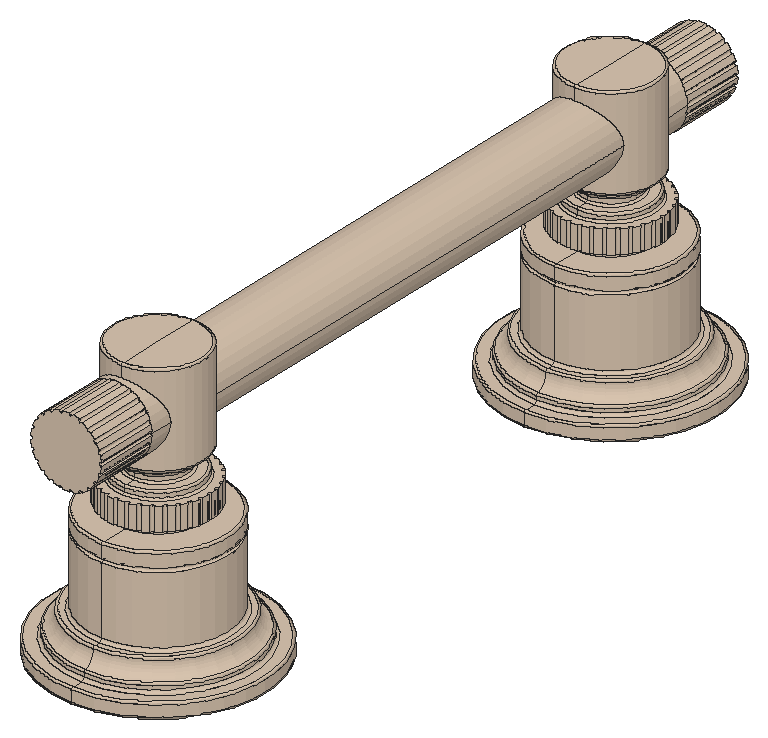
Revit family "Accessory-Door_Handle-KALLISTA-CENTRAL_PARK_WEST-P31487_1", category Specialty Equipment, host Face, Revit 2022 (continued)
Definition of nested family "P31487"
  Automatic sketch dimensions
    curve 24 to curve 25 = 0.07463"
    curve 73 to curve 74 = 0.02783"
    curve 74 to curve 75 = 0.05382"
    curve 75 to curve 27 = 0.00136"
    curve 26 to curve 27 = 0"  (x2)
    curve 75 to curve 76 = 0.03273"
    curve 76 to curve 77 = 0.0614"
    curve 77 to curve 78 = 0.03637"
    curve 78 to curve 79 = 0.06662"
    curve 79 to curve 80 = 0.03861"
    curve 81 to plane 4 = 0.01968"
    plane 4 to curve 96 = 0.01968"
    curve 96 to curve 95 = 0.06929"
    curve 95 to curve 94 = 0.03861"
    curve 94 to curve 93 = 0.06662"
    curve 93 to curve 92 = 0.03637"
    curve 92 to curve 91 = 0.0614"
    curve 91 to curve 27 = 0.03137"
    curve 91 to curve 90 = 0.03273"
    curve 90 to curve 89 = 0.05382"
    curve 26 to curve 25 = 0.08053"
    curve 89 to curve 88 = 0.02783"
    curve 30 to curve 29 = 0.03236"
    curve 87 to curve 29 = 0.02187"
    curve 25 to curve 20 = 0.07463"
    plane 4 to curve 23 = 0.4785"
    curve 19 to plane 15 = 0.1378"
    curve 19 to curve 23 = 0"
    curve 25 to curve 24 = 0.07463"
    curve 29 to curve 85 = 0.03282"
    curve 85 to curve 84 = 0.01506"
    curve 84 to curve 83 = 0.02021"
    curve 83 to curve 82 = 0.00768"
    curve 82 to curve 31 = 0.19383"
    curve 33 to plane 9 = 0.36824"
    curve 35 to plane 9 = 0.18376"
    curve 35 to curve 36 = 0.01724"
    curve 36 to curve 34 = 0.03137"
    curve 14 to plane 8 = 0.13515"
    curve 14 to curve 16 = 0.03137"
    curve 16 to curve 15 = 0.01724"
    curve 15 to curve 13 = 0.18447"
    curve 11 to curve 9 = 0.29148"
    curve 12 to curve 11 = 0"
    curve 52 to curve 9 = 25/256"
    curve 52 to curve 53 = 0.00768"
    curve 53 to curve 54 = 0.02021"
    curve 54 to curve 55 = 0.01506"
    curve 55 to curve 4 = 0.02671"
    curve 17 to plane 15 = 0.01969"
    plane 1 "Center (Front/Back)" to curve 17 = 0.4785"
    curve 3 to plane 15 = 0.1378"
    curve 3 to curve 17 = 0"
    curve 18 to curve 4 = 0"
    curve 56 to curve 8 = 0.02187"
    curve 9 to curve 10 = 0.01049"
    curve 8 to curve 58 = 0.04417"
    curve 18 to curve 5 = 0.07463"
    curve 58 to curve 59 = 0.02783"
    curve 59 to curve 60 = 0.05382"
    curve 5 to curve 6 = 0.08053"
    curve 60 to curve 7 = 0.00136"
    curve 60 to curve 61 = 0.03273"
    curve 61 to curve 62 = 0.0614"
    curve 62 to curve 63 = 0.03637"
    curve 63 to curve 64 = 0.06662"
    curve 64 to curve 65 = 0.03861"
    plane 1 "Center (Front/Back)" to curve 66 = 0.01968"
    curve 51 to plane 1 "Center (Front/Back)" = 0.01968"
    curve 51 to curve 50 = 0.06929"
    curve 50 to curve 49 = 0.03861"
    curve 49 to curve 48 = 0.06662"
    curve 48 to curve 47 = 0.03637"
    curve 47 to curve 46 = 0.0614"
    curve 46 to curve 6 = 0.03137"
    curve 46 to curve 7 = 0.03137"
    curve 46 to curve 45 = 0.03273"
    curve 45 to curve 44 = 0.05382"
    curve 6 to curve 5 = 0.08053"
    curve 44 to curve 43 = 0.02783"
    curve 10 to curve 9 = 0.03236"
    curve 42 to curve 8 = 0.02187"
    curve 5 to curve 18 = 0.07463"
    curve 17 to curve 97 = 0.06814"
    curve 2 to curve 107 = 0.06814"
    curve 1 to plane 15 = 0.1378"
    curve 1 to curve 97 = 0.06814"
    curve 9 to curve 40 = 0.03282"
    curve 40 to curve 39 = 0.01506"
    curve 39 to curve 38 = 0.02021"
    curve 108 to curve 107 = 0"
    curve 38 to curve 37 = 0.00768"
    curve 37 to curve 12 = 0.19383"
    curve 11 to curve 12 = 0"
    curve 13 to plane 7 = 0.36824"
    curve 15 to plane 7 = 0.18376"
    curve 15 to curve 16 = 0.01724"
    curve 16 to curve 14 = 0.03137"
    curve 116 to plane 14 = 0.01968"
    curve 137 to plane 14 = 0.01968"
    curve 115 to curve 116 = 0.06664"
    curve 136 to curve 137 = 0.06664"
    curve 114 to curve 115 = 0.03776"
    curve 135 to curve 136 = 0.03776"
    curve 113 to curve 114 = 0.06125"
    curve 134 to curve 135 = 0.06125"
    curve 133 to curve 134 = 0.03311"
    curve 112 to curve 113 = 0.03311"
    curve 111 to curve 112 = 0.05089"
    curve 132 to curve 133 = 0.05089"
    curve 131 to curve 132 = 0.02578"
    curve 110 to curve 111 = 0.02578"
    curve 117 to curve 109 = 0.01636"
    curve 138 to curve 130 = 0.01636"
    curve 129 to curve 128 = 0.01899"
    curve 108 to curve 117 = 0.01899"
    curve 28 to curve 20 = 0.37287"
    curve 8 to curve 4 = 0.37287"
    curve 21 to curve 129 = 0.00714"
    curve 2 to curve 108 = 0.00714"
    curve 18 to curve 4 = 0.08127"
    curve 24 to curve 21 = 0.08127"
    curve 25 to curve 24 = 0.01964"
    curve 5 to curve 18 = 0.01964"
    curve 6 to curve 5 = 0.08088"
    curve 26 to curve 25 = 0.08088"
    curve 75 to curve 27 = 21/256"
    curve 45 to curve 7 = 21/256"
    curve 8 to curve 39 = 0"
    curve 28 to curve 72 = 0"
    curve 87 to curve 28 = 0"
    curve 70 to curve 28 = 0"
    curve 69 to curve 70 = 0"  (x2)
    curve 68 to curve 69 = 0"
    curve 67 to curve 68 = 0"  (x2)
    curve 28 to curve 85 = 0"
    curve 85 to curve 84 = 0"  (x2)
    curve 84 to curve 83 = 0"
    curve 83 to curve 82 = 0"  (x2)
    curve 56 to curve 8 = 0"
    curve 55 to curve 56 = 0"
    curve 39 to curve 37 = 0"
    curve 54 to curve 55 = 0"  (x2)
    curve 38 to curve 37 = 0"  (x2)
    curve 53 to curve 54 = 0"  (x2)
    curve 40 to curve 39 = 0"  (x2)
    curve 52 to curve 53 = 0"  (x2)
    curve 42 to curve 8 = 0"
    curve 42 to curve 9 = 0"
    curve 52 to curve 9 = 0"
    curve 9 to curve 40 = 0"
    curve 39 to curve 38 = 0"
    curve 70 to curve 29 = 0"
    curve 29 to curve 85 = 0"
    curve 29 to curve 72 = 0"
    curve 85 to curve 83 = 0"
    curve 56 to curve 9 = 0"
    curve 87 to curve 29 = 0"
    curve 67 to curve 69 = 0"
    curve 10 to curve 9 = 0.082"
    curve 30 to curve 72 = 0.082"
    curve 31 to curve 82 = 0.23678"
    curve 11 to curve 37 = 0.23678"
    curve 12 to curve 11 = 0.04065"
    curve 32 to curve 31 = 0.04065"
    level to curve 13 = 0.42509"
    level to curve 33 = 0.42509"
    level to curve 15 = 0.25018"
    level to curve 35 = 0.25018"
    curve 36 to curve 35 = 0.02419"
    curve 16 to curve 15 = 0.02419"
    curve 14 to curve 16 = 0.06868"
    curve 34 to curve 36 = 0.06868"
    plane 14 to curve 105 = 0.01968"
    plane 14 to curve 126 = 0.01968"
    curve 126 to curve 125 = 0.06664"
    curve 105 to curve 104 = 0.06664"
    curve 104 to curve 103 = 0.03776"
    curve 125 to curve 124 = 0.03776"
    curve 103 to curve 102 = 0.06125"
    curve 124 to curve 123 = 0.06125"
    curve 123 to curve 122 = 0.03311"
    curve 102 to curve 101 = 0.03311"
    curve 122 to curve 121 = 0.05089"
    curve 101 to curve 100 = 0.05089"
    curve 121 to curve 120 = 0.02578"
    curve 100 to curve 99 = 0.02578"
    curve 119 to curve 118 = 0.03535"
    curve 98 to curve 97 = 0.03535"
    curve 119 to curve 127 = 0.01636"
    curve 98 to curve 106 = 0.01636"
    Revolve 1 sketch curve to level = 0"
    Revolve 1 sketch curve to plane 1 "Center (Front/Back)" = 0"  (x3)
    Revolve 1 sketch curve to plane 15 = 0"
    Revolve 1 sketch curve to plane 7 = 0"
    Revolve 1 sketch curve to plane 1 "Center (Front/Back)" = 0.30366"
    Revolve 1 sketch curve to Revolve 1 sketch curve = 0.01969"  (x11)
    Revolve 1 sketch curve to Revolve 1 sketch curve = 0.04113"
    Revolve 1 sketch curve to Revolve 1 sketch curve = 0.01972"
    Revolve 1 sketch curve to Revolve 1 sketch curve = 0.09699"
    Revolve 1 sketch curve to Revolve 1 sketch curve = 0"  (x5)
    Revolve 1 sketch curve to Revolve 1 sketch curve = 0.45882"
    Revolve 1 sketch curve to Revolve 1 sketch curve = 0.05499"
    Revolve 1 sketch curve to Revolve 1 sketch curve = 0.26259"
    Revolve 1 sketch curve to Revolve 1 sketch curve = 0.00006"
    Revolve 1 sketch curve to Revolve 1 sketch curve = 0.0315"
    Revolve 1 sketch curve to Revolve 1 sketch curve = 0.05981"
    Revolve 1 sketch curve to plane 7 = 0.19211"
    Revolve 1 sketch curve to Revolve 1 sketch curve = 0.02559"
    Revolve 1 sketch curve to Revolve 1 sketch curve = 0.03137"
    Revolve 1 sketch curve to plane 7 = 0.13284"
    Revolve 1 sketch curve to plane 7 = 0.01969"  (x2)
    Revolve 1 sketch curve to Revolve 1 sketch curve = 0.11794"
    Revolve 1 sketch curve to Revolve 1 sketch curve = 0.03731"
    Revolve 1 sketch curve to Revolve 1 sketch curve = 0.17172"
    Revolve 1 sketch curve to Revolve 1 sketch curve = 0.0077"
    Revolve 1 sketch curve to Revolve 1 sketch curve = 0.71503"
    Revolve 1 sketch curve to Revolve 1 sketch curve = 0.02032"
    Revolve 1 sketch curve to Revolve 1 sketch curve = 0.1351"
    Revolve 1 sketch curve to Revolve 1 sketch curve = 0.06231"
    Revolve 1 sketch curve to Revolve 1 sketch curve = 0.24502"
    Revolve 1 sketch curve to Revolve 1 sketch curve = 0.04265"
    Revolve 1 sketch curve to Revolve 1 sketch curve = 0.06969"
    Revolve 1 sketch curve to Revolve 1 sketch curve = 0.04148"
    Revolve 1 sketch curve to level = 0.46213"
    Revolve 1 sketch curve to Revolve 1 sketch curve = 0.62194"
    Revolve 2 sketch curve to level = 0"
    Revolve 2 sketch curve to plane 4 = 0"  (x3)
    Revolve 2 sketch curve to plane 15 = 0"
    Revolve 2 sketch curve to plane 9 = 0"
    plane 4 to Revolve 2 sketch curve = 0.30366"
    Revolve 2 sketch curve to Revolve 2 sketch curve = 0.01969"  (x12)
    Revolve 2 sketch curve to Revolve 2 sketch curve = 0.04113"
    Revolve 2 sketch curve to Revolve 2 sketch curve = 0.01972"
    Revolve 2 sketch curve to Revolve 2 sketch curve = 0.09699"
    Revolve 2 sketch curve to Revolve 2 sketch curve = 0"  (x5)
    Revolve 2 sketch curve to Revolve 2 sketch curve = 0.45882"
    Revolve 2 sketch curve to Revolve 2 sketch curve = 0.05499"
    Revolve 2 sketch curve to Revolve 2 sketch curve = 0.26259"
    Revolve 2 sketch curve to Revolve 2 sketch curve = 0.00006"
    Revolve 2 sketch curve to Revolve 2 sketch curve = 0.0315"
    Revolve 2 sketch curve to Revolve 2 sketch curve = 0.05981"
    Revolve 2 sketch curve to plane 9 = 0.19211"
    Revolve 2 sketch curve to Revolve 2 sketch curve = 0.02559"
    Revolve 2 sketch curve to Revolve 2 sketch curve = 0.03137"
    Revolve 2 sketch curve to plane 9 = 0.13284"
    Revolve 2 sketch curve to plane 9 = 0.01969"
    Revolve 2 sketch curve to Revolve 2 sketch curve = 0.11794"
    Revolve 2 sketch curve to Revolve 2 sketch curve = 0.03731"
    Revolve 2 sketch curve to Revolve 2 sketch curve = 0.17172"
    Revolve 2 sketch curve to Revolve 2 sketch curve = 0.0077"
    Revolve 2 sketch curve to Revolve 2 sketch curve = 0.71503"
    Revolve 2 sketch curve to Revolve 2 sketch curve = 0.02032"
    Revolve 2 sketch curve to Revolve 2 sketch curve = 0.1351"
    Revolve 2 sketch curve to Revolve 2 sketch curve = 0.06231"
    Revolve 2 sketch curve to Revolve 2 sketch curve = 0.24502"
    Revolve 2 sketch curve to Revolve 2 sketch curve = 0.04265"
    Revolve 2 sketch curve to Revolve 2 sketch curve = 0.06969"
    Revolve 2 sketch curve to Revolve 2 sketch curve = 0.04148"
    Revolve 2 sketch curve to level = 0.46213"
    Revolve 2 sketch curve to Revolve 2 sketch curve = 0.62194"
    Extrusion 3 sketch curve to Extrusion 3 sketch curve = 0"  (x1984)
    Extrusion 3 sketch curve to plane 4 = 0"  (x3)
    plane 1 "Center (Front/Back)" to Extrusion 3 sketch curve = 0"  (x3)
    Extrusion 3 sketch curve to plane 3 "Center (Left/Right)" = 0"  (x6)
    Extrusion 3 sketch curve to plane 3 "Center (Left/Right)" = 0.10834"  (x4)
    Extrusion 3 sketch curve to Extrusion 3 sketch curve = 0.10418"  (x14)
    Extrusion 3 sketch curve to Extrusion 3 sketch curve = 0.09601"  (x16)
    Extrusion 3 sketch curve to Extrusion 3 sketch curve = 0.08415"  (x16)
    Extrusion 3 sketch curve to Extrusion 3 sketch curve = 0.06906"  (x16)
    Extrusion 3 sketch curve to Extrusion 3 sketch curve = 0.05132"  (x16)
    Extrusion 3 sketch curve to Extrusion 3 sketch curve = 0.0316"  (x16)
    Extrusion 3 sketch curve to Extrusion 3 sketch curve = 0.01067"  (x9)
    plane 3 "Center (Left/Right)" to Extrusion 3 sketch curve = 0.10834"  (x4)
    Extrusion 3 sketch curve to plane 4 = 0.10834"  (x2)
    plane 4 to Extrusion 3 sketch curve = 0.10834"  (x2)
    plane 1 "Center (Front/Back)" to Extrusion 3 sketch curve = 0.55534"
    plane 1 "Center (Front/Back)" to Extrusion 3 sketch curve = 0.10834"  (x2)
    Extrusion 3 sketch curve to plane 1 "Center (Front/Back)" = 0.10834"  (x2)
    Extrusion 3 sketch curve to plane 3 "Center (Left/Right)" = 0.01968"  (x4)
    Extrusion 3 sketch curve to Extrusion 3 sketch curve = 0.01937"  (x8)
    Extrusion 3 sketch curve to Extrusion 3 sketch curve = 0.01924"  (x8)
    Extrusion 3 sketch curve to Extrusion 3 sketch curve = 0.01832"  (x8)
    Extrusion 3 sketch curve to Extrusion 3 sketch curve = 0.01805"  (x8)
    Extrusion 3 sketch curve to Extrusion 3 sketch curve = 0.01656"  (x8)
    Extrusion 3 sketch curve to Extrusion 3 sketch curve = 0.01617"  (x8)
    Extrusion 3 sketch curve to Extrusion 3 sketch curve = 0.01416"  (x8)
    Extrusion 3 sketch curve to Extrusion 3 sketch curve = 0.01367"  (x8)
    Extrusion 3 sketch curve to Extrusion 3 sketch curve = 0.01122"  (x8)
    Extrusion 3 sketch curve to Extrusion 3 sketch curve = 0.01064"  (x8)
    Extrusion 3 sketch curve to Extrusion 3 sketch curve = 0.00785"  (x8)
    Extrusion 3 sketch curve to Extrusion 3 sketch curve = 0.00721"  (x8)
    Extrusion 3 sketch curve to Extrusion 3 sketch curve = 0.00418"  (x8)
    Extrusion 3 sketch curve to Extrusion 3 sketch curve = 0.0035"  (x8)
    Extrusion 3 sketch curve to Extrusion 3 sketch curve = 0.00035"  (x7)
    plane 3 "Center (Left/Right)" to Extrusion 3 sketch curve = 0.01968"  (x4)
    Extrusion 3 sketch curve to plane 4 = 0.01968"
    Extrusion 4 sketch curve to Extrusion 4 sketch curve = 0"  (x472)
    Extrusion 4 sketch curve to plane 14 = 0"  (x3)
    Extrusion 4 sketch curve to plane 3 "Center (Left/Right)" = 0"
    Extrusion 4 sketch curve to plane 3 "Center (Left/Right)" = 0.05335"  (x2)
    Extrusion 4 sketch curve to Extrusion 4 sketch curve = 0.10211"  (x4)
    Extrusion 4 sketch curve to Extrusion 4 sketch curve = 0.08952"  (x4)
    Extrusion 4 sketch curve to Extrusion 4 sketch curve = 0.06969"  (x4)
    Extrusion 4 sketch curve to Extrusion 4 sketch curve = 0.0442"  (x4)
    Extrusion 4 sketch curve to Extrusion 4 sketch curve = 0.01514"  (x2)
    plane 3 "Center (Left/Right)" to Extrusion 4 sketch curve = 0.05335"  (x2)
    Extrusion 4 sketch curve to plane 14 = 0.10535"  (x2)
    Extrusion 4 sketch curve to Extrusion 4 sketch curve = 0.09682"  (x4)
    Extrusion 4 sketch curve to Extrusion 4 sketch curve = 0.08045"  (x4)
    Extrusion 4 sketch curve to Extrusion 4 sketch curve = 0.05756"  (x4)
    Extrusion 4 sketch curve to Extrusion 4 sketch curve = 0.03001"  (x4)
    plane 14 to Extrusion 4 sketch curve = 0.10535"  (x2)
    Extrusion 4 sketch curve to Extrusion 4 sketch curve = 5/256"  (x4)
    Extrusion 4 sketch curve to Extrusion 4 sketch curve = 0.0194"  (x4)
    Extrusion 4 sketch curve to Extrusion 4 sketch curve = 0.01811"  (x4)
    Extrusion 4 sketch curve to Extrusion 4 sketch curve = 0.01768"  (x4)
    Extrusion 4 sketch curve to Extrusion 4 sketch curve = 0.01521"  (x4)
    Extrusion 4 sketch curve to Extrusion 4 sketch curve = 0.01453"  (x4)
    Extrusion 4 sketch curve to Extrusion 4 sketch curve = 0.01107"  (x4)
    Extrusion 4 sketch curve to Extrusion 4 sketch curve = 0.0102"  (x4)
    Extrusion 4 sketch curve to Extrusion 4 sketch curve = 0.00604"  (x4)
    Extrusion 4 sketch curve to Extrusion 4 sketch curve = 0.00505"  (x4)
    Extrusion 4 sketch curve to Extrusion 4 sketch curve = 0.00052"  (x3)
    Extrusion 4 sketch curve to plane 14 = 0.01968"
    Extrusion 5 sketch curve to Extrusion 5 sketch curve = 0"  (x472)
    Extrusion 5 sketch curve to plane 14 = 0"  (x3)
    Extrusion 5 sketch curve to plane 3 "Center (Left/Right)" = 0"
    Extrusion 5 sketch curve to plane 3 "Center (Left/Right)" = 0.05335"  (x2)
    Extrusion 5 sketch curve to Extrusion 5 sketch curve = 0.10211"  (x4)
    Extrusion 5 sketch curve to Extrusion 5 sketch curve = 0.08952"  (x4)
    Extrusion 5 sketch curve to Extrusion 5 sketch curve = 0.06969"  (x4)
    Extrusion 5 sketch curve to Extrusion 5 sketch curve = 0.0442"  (x4)
    Extrusion 5 sketch curve to Extrusion 5 sketch curve = 0.01514"  (x2)
    plane 3 "Center (Left/Right)" to Extrusion 5 sketch curve = 0.05335"  (x2)
    plane 14 to Extrusion 5 sketch curve = 0.10535"  (x2)
    Extrusion 5 sketch curve to Extrusion 5 sketch curve = 0.09682"  (x4)
    Extrusion 5 sketch curve to Extrusion 5 sketch curve = 0.08045"  (x4)
    Extrusion 5 sketch curve to Extrusion 5 sketch curve = 0.05756"  (x4)
    Extrusion 5 sketch curve to Extrusion 5 sketch curve = 0.03001"  (x4)
    Extrusion 5 sketch curve to plane 14 = 0.10535"  (x2)
    Extrusion 5 sketch curve to Extrusion 5 sketch curve = 5/256"  (x4)
    Extrusion 5 sketch curve to Extrusion 5 sketch curve = 0.0194"  (x4)
    Extrusion 5 sketch curve to Extrusion 5 sketch curve = 0.01811"  (x4)
    Extrusion 5 sketch curve to Extrusion 5 sketch curve = 0.01768"  (x4)
    Extrusion 5 sketch curve to Extrusion 5 sketch curve = 0.01521"  (x4)
    Extrusion 5 sketch curve to Extrusion 5 sketch curve = 0.01453"  (x4)
    Extrusion 5 sketch curve to Extrusion 5 sketch curve = 0.01107"  (x4)
    Extrusion 5 sketch curve to Extrusion 5 sketch curve = 0.0102"  (x4)
    Extrusion 5 sketch curve to Extrusion 5 sketch curve = 0.00604"  (x4)
    Extrusion 5 sketch curve to Extrusion 5 sketch curve = 0.00505"  (x4)
    Extrusion 5 sketch curve to Extrusion 5 sketch curve = 0.00052"  (x3)
    plane 14 to Extrusion 5 sketch curve = 0.01968"
    Masking region 1 sketch curve to plane 13 = 0"
    Masking region 1 sketch curve to plane 10 = 0"
    Masking region 1 sketch curve to level = 0"  (x2)
    Masking region 1 sketch curve to plane 15 = 0"  (x2)
    Masking region 1 sketch curve to plane 9 = 0"
    Masking region 1 sketch curve to plane 8 = 0"
    Masking region 1 sketch curve to plane 7 = 0"
    Masking region 1 sketch curve to plane 11 = 0"
    Masking region 1 sketch curve to plane 10 = 0.01969"  (x2)
    Masking region 1 sketch curve to plane 10 = 0.13284"
    Masking region 1 sketch curve to Masking region 1 sketch curve = 0.11547"  (x2)
    Masking region 1 sketch curve to Masking region 1 sketch curve = 0.03137"  (x4)
    Masking region 1 sketch curve to Masking region 1 sketch curve = 0.02559"  (x4)
    Masking region 1 sketch curve to Masking region 1 sketch curve = 0.17559"  (x2)
    Masking region 1 sketch curve to Masking region 1 sketch curve = 0.05981"  (x4)
    Masking region 1 sketch curve to plane 10 = 0.39967"
    Masking region 1 sketch curve to Masking region 1 sketch curve = 0.00006"  (x5)
    Masking region 1 sketch curve to Masking region 1 sketch curve = 0.01969"  (x37)
    Masking region 1 sketch curve to Masking region 1 sketch curve = 0.16732"  (x4)
    Masking region 1 sketch curve to plane 15 = 0.01969"
    Masking region 1 sketch curve to plane 4 = 0.4785"
    Masking region 1 sketch curve to Masking region 1 sketch curve = 0.07649"  (x2)
    Masking region 1 sketch curve to Masking region 1 sketch curve = 0.09527"  (x2)
    Masking region 1 sketch curve to Masking region 1 sketch curve = 0.09528"  (x4)
    Masking region 1 sketch curve to Masking region 1 sketch curve = 0.01964"  (x4)
    Masking region 1 sketch curve to Masking region 1 sketch curve = 0.05499"  (x4)
    Masking region 1 sketch curve to Masking region 1 sketch curve = 0.01972"  (x4)
    Masking region 1 sketch curve to Masking region 1 sketch curve = 0.04113"  (x4)
    Masking region 1 sketch curve to Masking region 1 sketch curve = 0"  (x7)
    plane 4 to Masking region 1 sketch curve = 0.30366"
    Masking region 1 sketch curve to Masking region 1 sketch curve = 0.09699"  (x3)
    plane 4 to Masking region 1 sketch curve = 0.45882"
    Masking region 1 sketch curve to Masking region 1 sketch curve = 0.0315"  (x3)
    Masking region 1 sketch curve to plane 9 = 0.19211"
    Masking region 1 sketch curve to plane 9 = 0.13284"
    Masking region 1 sketch curve to plane 9 = 0.01969"
    Masking region 1 sketch curve to plane 8 = 0.01969"
    Masking region 1 sketch curve to plane 8 = 0.13284"
    Masking region 1 sketch curve to plane 8 = 0.39967"
    Masking region 1 sketch curve to plane 15 = 0.1378"  (x2)
    plane 1 "Center (Front/Back)" to Masking region 1 sketch curve = 0.4785"
    Masking region 1 sketch curve to plane 1 "Center (Front/Back)" = 0.30366"
    Masking region 1 sketch curve to plane 1 "Center (Front/Back)" = 0.45882"
    Masking region 1 sketch curve to plane 7 = 0.19211"
    Masking region 1 sketch curve to plane 7 = 0.13284"
    Masking region 1 sketch curve to plane 7 = 0.01969"
    level to Masking region 1 sketch curve = 0.01969"
    Masking region 1 sketch curve to Masking region 1 sketch curve = 0.11794"  (x4)
    Masking region 1 sketch curve to Masking region 1 sketch curve = 0.03731"  (x4)
    Masking region 1 sketch curve to Masking region 1 sketch curve = 0.17172"  (x4)
    Masking region 1 sketch curve to Masking region 1 sketch curve = 0.0077"  (x4)
    Masking region 1 sketch curve to Masking region 1 sketch curve = 0.71503"  (x4)
    Masking region 1 sketch curve to Masking region 1 sketch curve = 0.02032"  (x4)
    Masking region 1 sketch curve to Masking region 1 sketch curve = 0.1351"  (x4)
    Masking region 1 sketch curve to Masking region 1 sketch curve = 0.06231"  (x4)
    Masking region 1 sketch curve to Masking region 1 sketch curve = 0.24502"  (x4)
    Masking region 1 sketch curve to Masking region 1 sketch curve = 0.04265"  (x4)
    Masking region 1 sketch curve to Masking region 1 sketch curve = 0.06969"  (x4)
    Masking region 1 sketch curve to Masking region 1 sketch curve = 0.04148"  (x4)
    Masking region 1 sketch curve to plane 14 = 0.37402"  (x2)
    Masking region 1 sketch curve to Masking region 1 sketch curve = 0.08127"
    Masking region 1 sketch curve to Masking region 1 sketch curve = 0.11811"
    Masking region 2 sketch curve to plane 5 = 0"
    Masking region 2 sketch curve to level = 0"
    Masking region 2 sketch curve to plane 15 = 0"
    plane 6 to Masking region 2 sketch curve = 0"
    plane 5 to Masking region 2 sketch curve = 0.01969"
    Masking region 2 sketch curve to Masking region 2 sketch curve = 0.01969"  (x17)
    plane 5 to Masking region 2 sketch curve = 0.13284"
    Masking region 2 sketch curve to Masking region 2 sketch curve = 0.11547"
    Masking region 2 sketch curve to Masking region 2 sketch curve = 0.03137"  (x2)
    Masking region 2 sketch curve to Masking region 2 sketch curve = 0.02559"  (x2)
    Masking region 2 sketch curve to Masking region 2 sketch curve = 0.17559"
    Masking region 2 sketch curve to Masking region 2 sketch curve = 0.05981"  (x2)
    plane 5 to Masking region 2 sketch curve = 0.39967"
    Masking region 2 sketch curve to Masking region 2 sketch curve = 0.00006"  (x3)
    Masking region 2 sketch curve to Masking region 2 sketch curve = 0.16732"  (x2)
    Masking region 2 sketch curve to plane 15 = 0.01969"
    Masking region 2 sketch curve to plane 3 "Center (Left/Right)" = 0.4785"
    Masking region 2 sketch curve to Masking region 2 sketch curve = 0.09527"  (x2)
    Masking region 2 sketch curve to Masking region 2 sketch curve = 0.09528"
    Masking region 2 sketch curve to Masking region 2 sketch curve = 0.01964"
    Masking region 2 sketch curve to Masking region 2 sketch curve = 0.05499"  (x2)
    Masking region 2 sketch curve to Masking region 2 sketch curve = 0.01972"  (x2)
    Masking region 2 sketch curve to Masking region 2 sketch curve = 0.04113"  (x2)
    Masking region 2 sketch curve to Masking region 2 sketch curve = 0"  (x4)
    plane 3 "Center (Left/Right)" to Masking region 2 sketch curve = 0.30366"
    Masking region 2 sketch curve to Masking region 2 sketch curve = 0.09699"
    plane 3 "Center (Left/Right)" to Masking region 2 sketch curve = 0.45882"
    plane 6 to Masking region 2 sketch curve = 0.39973"
    Masking region 2 sketch curve to Masking region 2 sketch curve = 0.0315"
    plane 6 to Masking region 2 sketch curve = 0.19211"
    plane 6 to Masking region 2 sketch curve = 0.13284"
    plane 6 to Masking region 2 sketch curve = 0.01969"
    level to Masking region 2 sketch curve = 0.01969"
    Masking region 2 sketch curve to Masking region 2 sketch curve = 0.11794"  (x2)
    Masking region 2 sketch curve to Masking region 2 sketch curve = 0.03731"  (x2)
    Masking region 2 sketch curve to Masking region 2 sketch curve = 0.17172"  (x2)
    Masking region 2 sketch curve to Masking region 2 sketch curve = 0.0077"  (x2)
    Masking region 2 sketch curve to Masking region 2 sketch curve = 0.71503"  (x2)
    Masking region 2 sketch curve to Masking region 2 sketch curve = 0.02032"  (x2)
    Masking region 2 sketch curve to Masking region 2 sketch curve = 0.1351"  (x2)
    Masking region 2 sketch curve to Masking region 2 sketch curve = 0.06231"  (x2)
    Masking region 2 sketch curve to Masking region 2 sketch curve = 0.24502"  (x2)
    Masking region 2 sketch curve to Masking region 2 sketch curve = 0.04265"  (x2)
    Masking region 2 sketch curve to Masking region 2 sketch curve = 0.06969"  (x2)
    Masking region 2 sketch curve to Masking region 2 sketch curve = 0.04148"  (x2)
    Masking region 3 sketch curve to Masking region 3 sketch curve = 0"  (x4)
    Masking region 3 sketch curve to plane 11 = 0"
    plane 13 to Masking region 3 sketch curve = 0"
    Masking region 3 sketch curve to plane 3 "Center (Left/Right)" = 0"  (x2)
    plane 1 "Center (Front/Back)" to Masking region 3 sketch curve = 0"
    Masking region 3 sketch curve to plane 4 = 0"
    Masking region 3 sketch curve to plane 8 = 0.06282"  (x2)
    Masking region 3 sketch curve to plane 3 "Center (Left/Right)" = 0.3735"  (x2)
    Masking region 3 sketch curve to plane 7 = 0.06282"
    Masking region 3 sketch curve to plane 10 = 0.06282"  (x2)
    plane 3 "Center (Left/Right)" to Masking region 3 sketch curve = 0.3735"  (x2)
    Masking region 3 sketch curve to plane 9 = 0.06282"
    Revolve 7 sketch curve to plane 1 "Center (Front/Back)" = 0"  (x2)
    Revolve 7 sketch curve to plane 15 = 0"
    Revolve 7 sketch curve to plane 7 = 0"
    Revolve 7 sketch curve to level = 0"
    Revolve 7 sketch curve to plane 1 "Center (Front/Back)" = 0.4785"
    Revolve 7 sketch curve to Revolve 7 sketch curve = 0.26349"
    Revolve 7 sketch curve to Revolve 7 sketch curve = 0.0913"
    Revolve 7 sketch curve to plane 7 = 0.13515"
    level to Revolve 7 sketch curve = 0.15731"
    Revolve 7 sketch curve to Revolve 7 sketch curve = 0.26778"
    Revolve 7 sketch curve to Revolve 7 sketch curve = 0.94195"
    Revolve 7 sketch curve to Revolve 7 sketch curve = 0.60004"
    Revolve 7 sketch curve to Revolve 7 sketch curve = 0.39228"
    Revolve 8 sketch curve to plane 4 = 0"  (x2)
    Revolve 8 sketch curve to plane 15 = 0"
    Revolve 8 sketch curve to plane 10 = 0"
    Revolve 8 sketch curve to level = 0"
    Revolve 8 sketch curve to plane 4 = 0.4785"
    Revolve 8 sketch curve to Revolve 8 sketch curve = 0.26349"
    Revolve 8 sketch curve to Revolve 8 sketch curve = 0.0913"
    Revolve 8 sketch curve to plane 10 = 0.13515"
    Revolve 8 sketch curve to plane 14 = 1.0739"
    level to Revolve 8 sketch curve = 0.42509"
    level to Revolve 8 sketch curve = 0.15731"
    Revolve 8 sketch curve to Revolve 8 sketch curve = 0.39228"
    Revolve 8 sketch curve to level = 0.60004"
    curve 167 to plane 14 = 0"
    curve 173 to plane 3 "Center (Left/Right)" = 0"
    curve 156 to plane 14 = 0"
    curve 173 to plane 14 = 0"
    curve 172 to plane 3 "Center (Left/Right)" = 0.05335"
    curve 162 to plane 3 "Center (Left/Right)" = 0.05335"
    curve 171 to curve 172 = 0.10211"
    curve 163 to curve 162 = 0.10211"
    curve 164 to curve 163 = 0.08952"
    curve 170 to curve 171 = 0.08952"
    curve 169 to curve 170 = 0.06969"
    curve 165 to curve 164 = 0.06969"
    curve 168 to curve 169 = 0.0442"
    curve 166 to curve 165 = 0.0442"
    curve 167 to curve 168 = 0.01514"
    plane 3 "Center (Left/Right)" to curve 174 = 0.05335"
    plane 3 "Center (Left/Right)" to curve 161 = 0.05335"
    curve 174 to curve 175 = 0.10211"
    curve 161 to curve 160 = 0.10211"
    curve 175 to curve 153 = 0.08952"
    curve 160 to curve 159 = 0.08952"
    curve 153 to curve 154 = 0.06969"
    curve 159 to curve 158 = 0.06969"
    curve 158 to curve 157 = 0.0442"
    curve 154 to curve 155 = 0.0442"
    curve 155 to curve 156 = 0.01514"
    curve 166 to plane 14 = 0.10535"
    curve 157 to plane 14 = 0.10535"
    curve 158 to curve 157 = 0.09682"
    curve 165 to curve 166 = 0.09682"
    curve 159 to curve 158 = 0.08045"
    curve 164 to curve 165 = 0.08045"
    curve 163 to curve 164 = 0.05756"
    curve 160 to curve 159 = 0.05756"
    curve 162 to curve 163 = 0.03001"
    curve 161 to curve 160 = 0.03001"
    plane 14 to curve 155 = 0.10535"
    plane 14 to curve 168 = 0.10535"
    curve 155 to curve 154 = 0.09682"
    curve 168 to curve 169 = 0.09682"
    curve 169 to curve 170 = 0.08045"
    curve 154 to curve 153 = 0.08045"
    curve 153 to curve 175 = 0.05756"
    curve 170 to curve 171 = 0.05756"
    curve 175 to curve 174 = 0.03001"
    curve 171 to curve 172 = 0.03001"
    curve 337 to plane 3 "Center (Left/Right)" = 0.01968"
    curve 162 to curve 162 = 5/256"
    curve 172 to curve 172 = 5/256"
    curve 172 to curve 172 = 0.0194"
    curve 336 to curve 337 = 0.06929"
    curve 335 to curve 336 = 0.03861"
    curve 163 to curve 163 = 0.01811"
    curve 171 to curve 171 = 0.01811"
    curve 334 to curve 335 = 0.06662"
    curve 170 to curve 170 = 0.01521"
    curve 164 to curve 164 = 0.01521"
    curve 333 to curve 334 = 0.03637"
    curve 332 to curve 333 = 0.0614"
    curve 169 to curve 169 = 0.01107"
    curve 165 to curve 165 = 0.01107"
    curve 148 to curve 332 = 0.03137"
    curve 150 to curve 148 = 0"  (x2)
    curve 331 to curve 332 = 0.03273"
    curve 166 to curve 166 = 0.00604"
    curve 168 to curve 168 = 0.00604"
    plane 14 to curve 167 = 0.01968"
    curve 330 to curve 331 = 0.05382"
    curve 149 to curve 150 = 0.08053"
    curve 329 to curve 330 = 0.02783"
    curve 145 to curve 329 = 0.03368"
    curve 328 to curve 329 = 0.04417"
    curve 147 to curve 328 = 0.00919"
    curve 146 to curve 328 = 0.0092"
    curve 327 to curve 147 = 0.01268"
    curve 151 to plane 15 = 0.01969"
    curve 151 to curve 170 = 0.21899"
    curve 152 to curve 149 = 0.07463"
    curve 326 to curve 327 = 0.03282"
    curve 325 to curve 326 = 0.01506"
    curve 324 to curve 325 = 0.02021"
    curve 323 to curve 324 = 0.00768"
    curve 143 to curve 323 = 0.19383"
    curve 143 to curve 144 = 0"  (x2)
    plane 5 to curve 140 = 0.36824"
    plane 5 to curve 141 = 0.18376"
    curve 142 to curve 141 = 0.01724"
    curve 139 to curve 142 = 0.03137"
    plane 3 "Center (Left/Right)" to curve 322 = 0.01968"
    curve 161 to curve 161 = 5/256"
    curve 174 to curve 174 = 5/256"
    curve 322 to curve 321 = 0.06929"
    curve 321 to curve 320 = 0.03861"
    curve 175 to curve 175 = 0.01811"
    curve 160 to curve 160 = 0.01811"
    curve 320 to curve 319 = 0.06662"
    curve 159 to curve 159 = 0.01521"
    curve 153 to curve 153 = 0.01521"
    curve 319 to curve 318 = 0.03637"
    curve 318 to curve 317 = 0.0614"
    curve 154 to curve 154 = 0.01107"
    curve 158 to curve 158 = 0.01107"
    curve 317 to curve 148 = 0.03137"
    curve 317 to curve 316 = 0.03273"
    curve 155 to curve 155 = 0.00604"
    curve 157 to curve 157 = 0.00604"
    curve 156 to plane 14 = 0.01968"
    curve 316 to curve 315 = 0.05382"
    curve 150 to curve 149 = 0.08053"
    curve 315 to curve 314 = 0.02783"
    curve 314 to curve 145 = 0.03368"
    curve 314 to curve 313 = 0.04417"
    curve 313 to curve 147 = 0.00919"
    curve 313 to curve 146 = 0.0092"
    curve 146 to curve 312 = 0.01267"
    curve 153 to curve 151 = 0.21899"
    curve 149 to curve 152 = 0.07463"
    curve 312 to curve 311 = 0.03282"
    curve 311 to curve 310 = 0.01506"
    curve 310 to curve 309 = 0.02021"
    curve 309 to curve 308 = 0.00768"
    curve 308 to curve 144 = 0.19383"
    plane 6 to curve 140 = 0.36824"
    plane 6 to curve 141 = 0.18376"
    curve 141 to curve 142 = 0.01724"
    curve 142 to curve 139 = 0.03137"
    curve 152 to curve 159 = 0.18595"
    curve 149 to curve 152 = 0.01964"
    curve 150 to curve 149 = 0.08088"
    curve 148 to curve 150 = 0.10906"
    curve 337 to curve 148 = 21/256"
    curve 323 to curve 147 = 0"
    curve 308 to curve 147 = 0"
    curve 309 to curve 308 = 0"  (x2)
    curve 310 to curve 309 = 0"
    curve 311 to curve 310 = 0"
    curve 312 to curve 147 = 0"
    curve 327 to curve 147 = 0"
    curve 326 to curve 327 = 0"
    curve 325 to curve 326 = 0"
    curve 324 to curve 323 = 0"
    curve 308 to curve 308 = 0.24502"
    curve 324 to curve 324 = 0.24502"
    curve 323 to curve 324 = 0"
    curve 325 to curve 324 = 0"
    curve 322 to curve 322 = 0.24502"
    curve 326 to curve 325 = 0"
    curve 327 to curve 146 = 0"
    curve 312 to curve 146 = 0"
    curve 311 to curve 312 = 0"
    curve 310 to curve 311 = 0"
    curve 145 to curve 313 = 0.082"
    curve 143 to curve 308 = 0.23678"
    curve 144 to curve 143 = 0.04065"
    level to curve 140 = 0.42509"
    level to curve 141 = 0.25018"
    curve 142 to curve 141 = 0.02419"
    curve 139 to curve 142 = 0.06868"
Types (7): name | Type | Model | Finish
  (no name) | 1 | "P31487-PL-BAF" | Kallista-Metal-BAF-Brushed_French_Gold
  BAF-Brushed French Gold | 1 | "P31487-PL-BAF" | Kallista-Metal-BAF-Brushed_French_Gold
  BN-Brushed Nickel | 2 | "P31487-PL-BN" | Kallista-Metal-BN-Brushed_Nickel
  BV-Brushed Bronze | 3 | "P31487-PL-BV" | Kallista-Metal-BV-Brushed_Bronze
  CP-Chrome | 4 | "P31487-PL-CP" | Kallista-Metal-CP-Chrome
  SN-Polished Nickel | 5 | "P31487-PL-SN" | Kallista-Metal-SN-Polished_Nickel
  ULB-Unlaquered Brass | 6 | "P31487-PL-ULB" | Kallista-Metal-ULB-Unlaquered_Brass
